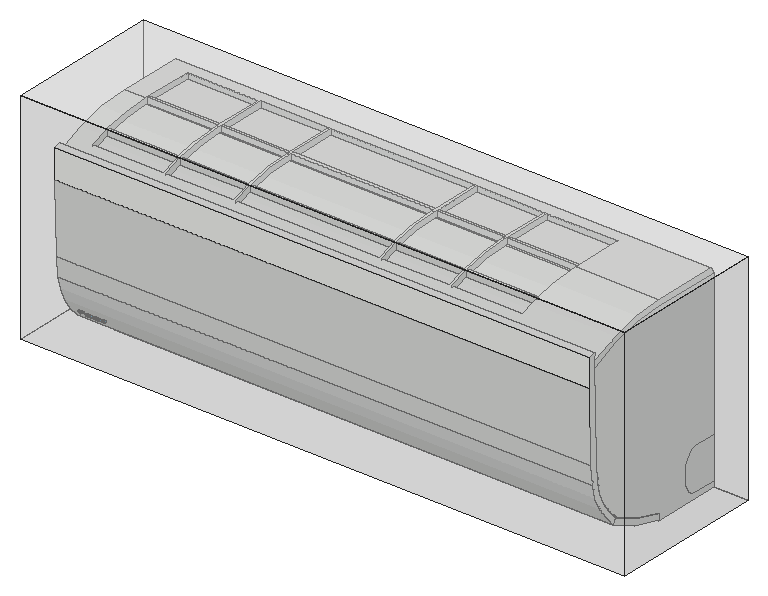
Revit family "outputfile", category 機械設備, Revit 2024
Family settings
  丸型コネクタ寸法 = 半径を使用
  パーツ タイプ = 標準
  OmniClass 番号 = 23.75.10.24.21.27.27
  OmniClass タイトル = Split System Air Conditioning Units
  作業面ベース = いいえ
  常に垂直 = はい
  ロード時にボイドで切り取り = いいえ
  注釈の向きを維持 = いいえ
  共有 = いいえ
  部屋計算ポイント = いいえ
Parameters (values of type "FTKF46TVMA")
  Description = ""
  書き出し IFC クラス(タイプ) = "IfcUnitaryEquipmentType"
  定義済み IFC タイプ(タイプ) = "AIRCONDITIONINGUNIT"
  Cost = 0
  Type Comments = ""
  Keynote = ""
  Type Image = (empty or 0)
  Assembly Code = ""
  w_wall hole = if(Width = 770.0 mm, 48.0 mm, 60.0 mm)  # 48.0 mm
  製造元 = "Daikin"
  モデル = "FTKF46TVMA"
  switch_frequency = yes
  r_Liquid Pipe Size = Liquid Pipe Size / 2  # 3.2 mm
  r_Gas Pipe Size = Gas Pipe Size / 2  # 6.35 mm
  r_Drain Pipe Size = Drain Pipe Size / 2  # 8.0 mm
  lw_powersupply [instance] = if(Width = 770.0 mm, if(or(Rear Right Connection_refrigerant, Bottom Right Connection_refrigerant), 25.0 mm, if(or(Rear Left Connection_refrigerant, Bottom Left Connection_refrigerant), 745.0 mm, 400.0 mm)), if(Width = 990.0 mm, if(or(Rear Right Connection_refrigerant, Bottom Right Connection_refrigerant), 40.0 mm, if(or(Rear Left Connection_refrigerant, Bottom Left Connection_refrigerant), 920.0 mm, 400.0 mm)), if(or(Rear Right Connection_refrigerant, Bottom Right Connection_refrigerant), 40.0 mm, if(or(Rear Left Connection_refrigerant, Bottom Left Connection_refrigerant), 920.0 mm, 400.0 mm))))  # 400.0 mm
  lw_liquidpipe [instance] = if(Width = 770.0 mm, if(or(Rear Right Connection_refrigerant, Bottom Right Connection_refrigerant), 0.0 mm, if(or(Rear Left Connection_refrigerant, Bottom Left Connection_refrigerant), 664.0 mm, 385.0 mm)), if(Width = 990.0 mm, if(or(Rear Right Connection_refrigerant, Bottom Right Connection_refrigerant), 0.0 mm, if(or(Rear Left Connection_refrigerant, Bottom Left Connection_refrigerant), 664.0 mm + (990.0 mm - 770.0 mm), 475.0 mm)), if(or(Rear Right Connection_refrigerant, Bottom Right Connection_refrigerant), 0.0 mm, if(or(Rear Left Connection_refrigerant, Bottom Left Connection_refrigerant), 664.0 mm + (990.0 mm - 770.0 mm), 475.0 mm))))  # 385.0 mm
  lw_gaspipe [instance] = if(Width = 770.0 mm, if(or(Rear Right Connection_refrigerant, Bottom Right Connection_refrigerant), 0.0 mm, if(or(Rear Left Connection_refrigerant, Bottom Left Connection_refrigerant), 675.0 mm, if(Gas Pipe Size = 12.7 mm, 345.0 mm, 335.0 mm))), if(Width = 990.0 mm, if(or(Rear Right Connection_refrigerant, Bottom Right Connection_refrigerant), 10.0 mm, if(or(Rear Left Connection_refrigerant, Bottom Left Connection_refrigerant), 890.0 mm, if(Gas Pipe Size = 15.9 mm, 400.0 mm, 400.0 mm))), if(or(Rear Right Connection_refrigerant, Bottom Right Connection_refrigerant), 10.0 mm, if(or(Rear Left Connection_refrigerant, Bottom Left Connection_refrigerant), 890.0 mm, if(Gas Pipe Size = 15.9 mm, 400.0 mm, 400.0 mm)))))  # 345.0 mm
  lw_drainpipe [instance] = if(Width = 770.0 mm, if(or(Rear Right Connection_refrigerant, Bottom Right Connection_refrigerant), 0.0 mm, if(or(Rear Left Connection_refrigerant, Bottom Left Connection_refrigerant), 770.0 mm - 48.0 mm - 48.0 mm, 440.0 mm)), if(Width = 990.0 mm, if(or(Rear Right Connection_refrigerant, Bottom Right Connection_refrigerant), 0.0 mm, if(or(Rear Left Connection_refrigerant, Bottom Left Connection_refrigerant), 675.0 mm + (990.0 mm - 770.0 mm), 435.0 mm)), if(or(Rear Right Connection_refrigerant, Bottom Right Connection_refrigerant), 0.0 mm, if(or(Rear Left Connection_refrigerant, Bottom Left Connection_refrigerant), 675.0 mm + (990.0 mm - 770.0 mm), 435.0 mm))))  # 440.0 mm
  l_powersupply_length [instance] = if(Width = 770.0 mm, if(Right Connection_refrigerant, 400.0 mm, if(Left Connection_refrigerant, 770.0 mm - 400.0 mm, if(or(Rear Left Connection_refrigerant, Rear Right Connection_refrigerant), 15.0 mm, 50.0 mm))), if(Width = 990.0 mm, if(Right Connection_refrigerant, 400.0 mm, if(Left Connection_refrigerant, 990.0 mm - 400.0 mm, if(or(Rear Left Connection_refrigerant, Rear Right Connection_refrigerant), 15.0 mm, 50.0 mm))), if(Right Connection_refrigerant, 400.0 mm, if(Left Connection_refrigerant, 990.0 mm - 400.0 mm, if(or(Rear Left Connection_refrigerant, Rear Right Connection_refrigerant), 15.0 mm, 50.0 mm)))))  # 400.0 mm
  l_liquidpipe_length [instance] = if(Width = 770.0 mm, if(Right Connection_refrigerant, 433.0 mm, if(Left Connection_refrigerant, 337.0 mm, if(or(Rear Left Connection_refrigerant, Rear Right Connection_refrigerant), 30.0 mm, 40.0 mm))), if(Width = 990.0 mm, if(Right Connection_refrigerant, 535.0 mm, if(Left Connection_refrigerant, 455.0 mm, if(or(Rear Left Connection_refrigerant, Rear Right Connection_refrigerant), 30.0 mm, 40.0 mm))), if(Right Connection_refrigerant, 535.0 mm, if(Left Connection_refrigerant, 455.0 mm, if(or(Rear Left Connection_refrigerant, Rear Right Connection_refrigerant), 30.0 mm, 40.0 mm)))))  # 433.0 mm
  l_gaspipe_length [instance] = if(Width = 770.0 mm, if(Right Connection_refrigerant, if(Gas Pipe Size = 12.7 mm, 393.0 mm, 383.0 mm), if(Left Connection_refrigerant, if(Gas Pipe Size = 12.7 mm, 770.0 mm - 393.0 mm, 770.0 mm - 383.0 mm), if(or(Rear Left Connection_refrigerant, Rear Right Connection_refrigerant), 40.0 mm, 50.0 mm))), if(Width = 990.0 mm, if(Right Connection_refrigerant, if(Gas Pipe Size = 15.9 mm, 460.0 mm, 460.0 mm), if(Left Connection_refrigerant, if(Gas Pipe Size = 15.9 mm, 990.0 mm - 460.0 mm, 990.0 mm - 460.0 mm), if(or(Rear Left Connection_refrigerant, Rear Right Connection_refrigerant), 40.0 mm, 50.0 mm))), if(Right Connection_refrigerant, if(Gas Pipe Size = 15.9 mm, 460.0 mm, 460.0 mm), if(Left Connection_refrigerant, if(Gas Pipe Size = 15.9 mm, 990.0 mm - 460.0 mm, 990.0 mm - 460.0 mm), if(or(Rear Left Connection_refrigerant, Rear Right Connection_refrigerant), 40.0 mm, 50.0 mm)))))  # 393.0 mm
  l_drainpipe_length [instance] = if(Width = 770.0 mm, if(Right Connection_refrigerant, 488.0 mm, if(Left Connection_refrigerant, 282.0 mm, if(or(Rear Left Connection_refrigerant, Rear Right Connection_refrigerant), 15.0 mm, 20.0 mm))), if(Width = 990.0 mm, if(Right Connection_refrigerant, 495.0 mm, if(Left Connection_refrigerant, 495.0 mm, if(or(Rear Left Connection_refrigerant, Rear Right Connection_refrigerant), 15.0 mm, 20.0 mm))), if(Right Connection_refrigerant, 495.0 mm, if(Left Connection_refrigerant, 495.0 mm, if(or(Rear Left Connection_refrigerant, Rear Right Connection_refrigerant), 15.0 mm, 20.0 mm)))))  # 488.0 mm
  h*** = 0.0 mm  # constant formula
  connector_voltage = Voltage_50Hz  # 230 V
  connector_powerinput = [Power Input (Cooling)]  # 0.000 kW
  connector_phase = Phase_50Hz  # 1
  angle_vertical [instance] = if(or(Bottom Left Connection_refrigerant, Bottom Right Connection_refrigerant), 0.00°, 90.00°)  # 90.00°
  angle_horizontal [instance] = if(Right Connection_refrigerant, 90.00°, if(Left Connection_refrigerant, -90.00°, if(or(Rear Left Connection_refrigerant, Rear Right Connection_refrigerant), 180.00°, 0.00°)))  # 90.00°
  Width = 770.0 mm
  Voltage_comment_50Hz = "220 - 240"
  Voltage_50Hz = 230 V
  Version = "ver.1.0"
  Unit Type = "Wall Mounted"
  Unit Mass Weight = 9.00 kg
  Unit Designation [instance] = ""
  Uniclass2015Version = "Products v1.30"
  Uniclass2015Title = "Split coil room air conditioning units"
  Uniclass2015Code = "Pr_70_65_03_86"
  URL = ""
  Total Cooling Capacity [instance] = 0.000 kW
  Sound Pressure Level_M speed (dBA) = 39
  Sound Pressure Level_L speed (dBA) = 35
  Sound Pressure Level_H speed (dBA) = 44
  Sound Power Level_H speed (dB) = 0
  Series = "Single Split_Fan Coil Unit"
  Sensible Cooling Capacity [instance] = 0.000 kW
  Refrigerant Type = "R32"
  Power Input (Cooling) = 0.000 kW
  Phase_50Hz = 1
  Option Accessory 3 [instance] = ""
  Option Accessory 2 [instance] = ""
  Option Accessory 1 [instance] = ""
  Nominal Cooling Capacity = 4.600 kW
  Minimum Circuit Amps_50Hz = 0.0 A
  Minimum Airflow = 516.00 m³/h
  Median Airflow = 612.00 m³/h
  Maximum Fuse Amps_50Hz = 0.0 A
  Maximum Airflow = 714.00 m³/h
  Material_Casing = DAIKIN_PureWhite_Casing_indoorunit
  Load Classification = HVAC
  Liquid Pipe Size = 6.4 mm
  Link_Nested Family [instance] = ""
  IfcVersion = ""
  IfcExportType = "AIRCONDITIONINGUNIT"
  IfcExportAs = "IfcUnitaryEquipmentType"
  Height = 285.0 mm
  Heat Exchanger Type = "Cross Fin Coil"
  Gas Pipe Size = 12.7 mm
  Frequency_50Hz = 50 Hz
  Fan Type = "Cross Flow Fan"
  Fan Drive = "Direct Drive"
  FCU Tag No. [instance] = ""
  Drain Pipe Size = 16.0 mm
  Design Supply Airflow [instance] = 0.00 m³/h
  Depth = 223.0 mm
  既定の高さ = 0.0 mm
  Cooling Entering Wet Bulb Temperature [instance] = 0.00 °C
  Cooling Entering Dry Bulb Temperature [instance] = 0.00 °C
  Cooling Ambient Wet Bulb Temperature [instance] = 0.00 °C
  Cooling Ambient Dry Bulb Temperature [instance] = 0.00 °C
  Clearance visibility [instance] = yes
  Clearance Top = 30.0 mm
  Clearance Right = 50.0 mm
  Clearance Rear = 0.0 mm
  Clearance Left = 50.0 mm
  Clearance Front = 0.0 mm
  Clearance Bottom = 0.0 mm
  Bottom Right Connection_refrigerant [instance] = no
  Bottom Left Connection_refrigerant [instance] = no
  Rear Right Connection_refrigerant [instance] = no
  Rear Left Connection_refrigerant [instance] = no
  Right Connection_refrigerant [instance] = yes
  Left Connection_refrigerant [instance] = no
Reference planes
  plane 1 "Back": y = 0
  plane 2: z = 0
  plane 3 "Center (Left/Right)": x = 0
  plane 4 "Center (Front/Back)": y = -111.5
  plane 5 "Front": y = -223
  plane 6 "Left": x = -385
  plane 7 "Right": x = 385
  plane 8 "Top": z = 0
  plane 9 "Bottom": z = -285
  plane 10: x = -435
  plane 11: x = 435
  plane 12: y = 0
  plane 13: y = -223
  plane 14: z = 30
  plane 15: z = -285
  plane 16 "lw_Piping and Wiring intake": x = 337
  plane 17 "lw_gaspipe": x = -8
  plane 18 "lw_liquidpipe": x = -48
  plane 19 "lw_drainpipe": x = -103
  plane 20 "lh_drainpipe": z = -265
  plane 21 "lh_liquidpipe": z = -245
  plane 22 "lh_gaspipe": z = -235
  plane 23 "ld_drainpipe": y = -15
  plane 24 "ld_liquidpipe": y = -30
  plane 25 "ld_gaspipe": y = -40
  plane 26 "lw_powersupply": x = -15
Dimensions and locks
  equal spacing: plane 6 "Left", plane 3 "Center (Left/Right)", plane 7 "Right"
  "Width": plane 6 "Left" to plane 7 "Right"
  equal spacing: plane 5 "Front", plane 4 "Center (Front/Back)", plane 1 "Back"
  "Depth": plane 5 "Front" to plane 1 "Back"
  "Height": plane 8 "Top" to plane 9 "Bottom"
  "Clearance Rear": plane 12 to plane 1 "Back"
  "Clearance Front": plane 13 to plane 5 "Front"
  "Clearance Top": plane 14 to plane 8 "Top"
  "Clearance Bottom": plane 9 "Bottom" to plane 15
  "w_wall hole": plane 16 "lw_Piping and Wiring intake" to plane 7 "Right"
  "lw_gaspipe": plane 17 "lw_gaspipe" to plane 16 "lw_Piping and Wiring intake"
  "lw_liquidpipe": plane 18 "lw_liquidpipe" to plane 16 "lw_Piping and Wiring intake"
  "lw_drainpipe": plane 19 "lw_drainpipe" to plane 16 "lw_Piping and Wiring intake"
  locked: plane 20 "lh_drainpipe" to plane 9 "Bottom" at 20
  locked: plane 21 "lh_liquidpipe" to plane 9 "Bottom" at 40
  locked: plane 22 "lh_gaspipe" to plane 9 "Bottom" at 50
  locked: plane 23 "ld_drainpipe" to plane 1 "Back" at 15
  locked: plane 1 "Back" to plane 24 "ld_liquidpipe" at 30
  locked: plane 1 "Back" to plane 25 "ld_gaspipe" at 40
  "lw_powersupply": plane 26 "lw_powersupply" to plane 7 "Right"
  "Clearance Left": plane 10 to plane 6 "Left"
  "Clearance Right": plane 7 "Right" to plane 11
  aligned and locked: level to plane 2
  aligned and locked: plane 12 to nested 1
  aligned and locked: nested 1 to plane 13
  aligned and locked: plane 10 to nested 1
  aligned and locked: plane 11 to nested 1
  aligned and locked: plane 15 to nested 1
  aligned and locked: plane 14 to nested 1
  aligned and locked: plane 17 "lw_gaspipe" to nested 2
  aligned and locked: nested 2 to plane 25 "ld_gaspipe"
  aligned and locked: plane 18 "lw_liquidpipe" to nested 3
  aligned and locked: nested 3 to plane 24 "ld_liquidpipe"
  aligned and locked: plane 19 "lw_drainpipe" to nested 4
  aligned and locked: nested 4 to plane 23 "ld_drainpipe"
  aligned and locked: nested 5 to plane 23 "ld_drainpipe"
  aligned and locked: plane 26 "lw_powersupply" to nested 5
  aligned and locked: level to plane 8 "Top"
  aligned and locked: plane 3 "Center (Left/Right)" to nested 6
  aligned and locked: plane 1 "Back" to nested 6
  aligned and locked: plane 8 "Top" to nested 6
Nested families
  nested 1: "daikin_clearancespace" at (0, -111.5, -127.381), show <- "Clearance visibility", visible <- "Clearance visibility", Link_Nested Family <- "Link_Nested Family", type "daikin_clearancespace"
    with width 870.0 mm, show yes, height 315.0 mm, depth 223.0 mm, Link_Nested Family ""
  nested 2: "daikin_connector_rotate3" at (-8, -40, -235), angle_vertical <- "angle_vertical", angle_horizontal <- "angle_horizontal", length <- "l_gaspipe_length", radius <- "r_Gas Pipe Size", type "daikin_connector_rotate3"
    with show no, radius 6.35 mm, length 393.0 mm, angle_vertical 90.00°, angle_horizontal 90.00°
  nested 3: "daikin_connector_rotate3" at (-48, -30, -245), angle_vertical <- "angle_vertical", angle_horizontal <- "angle_horizontal", radius <- "r_Liquid Pipe Size", length <- "l_liquidpipe_length", type "daikin_connector_rotate3"
    with show no, radius 3.2 mm, length 433.0 mm, angle_vertical 90.00°, angle_horizontal 90.00°
  nested 4: "daikin_connector_rotate3" at (-103, -15, -265), angle_vertical <- "angle_vertical", angle_horizontal <- "angle_horizontal", length <- "l_drainpipe_length", radius <- "r_Drain Pipe Size", type "daikin_connector_rotate3"
    with show no, radius 8.0 mm, length 488.0 mm, angle_vertical 90.00°, angle_horizontal 90.00°
  nested 5: "daikin_connector_rotate3" at (-15, -15, -235), angle_vertical <- "angle_vertical", angle_horizontal <- "angle_horizontal", length <- "l_powersupply_length", type "daikin_connector_rotate3"
    with show no, radius 10.0 mm, length 400.0 mm, angle_vertical 90.00°, angle_horizontal 90.00°
  nested 6: "DAIKIN_indoorunit_FTKF-TVMA" at (-31, 0, 0), type "FTKF-TVMA"
Connectors
  piping at (385, -40, -235), diameter 12.7, driven by "r_Gas Pipe Size"
    settings: on nested 2, index 1, connector inside diameter 609.6 mm, connector length 0.0 mm, flow factor 0, pipe flow 0.00 m³/h, pressure drop 0.0 Pa, fitting loss kfactor 0, connector angle 0.00°, fixture units 0, engagement length 0.0 mm, angle of deflection 0.00°, flow configuration 1, flow direction 2, fitting loss method 0, system type 29, joint type 0, gender type 0, connector reference index -1, connector utility 0, adjustable connector no, is connector primary yes, connector description "Refrigerant Gas Piping"
  piping at (385, -30, -245), diameter 6.4, driven by "r_Liquid Pipe Size"
    settings: on nested 3, index 2, connector inside diameter 609.6 mm, connector length 0.0 mm, flow factor 0, pipe flow 0.00 m³/h, pressure drop 0.0 Pa, fitting loss kfactor 0, connector angle 0.00°, fixture units 0, engagement length 0.0 mm, angle of deflection 0.00°, flow configuration 1, flow direction 1, fitting loss method 0, system type 29, joint type 0, gender type 0, connector reference index -1, connector utility 0, adjustable connector no, is connector primary no, connector description "Refrigerant Liquid Piping"
  piping at (385, -15, -265), diameter 16, driven by "r_Drain Pipe Size"
    settings: on nested 4, index 3, connector inside diameter 609.6 mm, connector length 0.0 mm, flow factor 0, pipe flow 0.00 m³/h, pressure drop 0.0 Pa, fitting loss kfactor 0, connector angle 0.00°, fixture units 0, engagement length 0.0 mm, angle of deflection 0.00°, flow configuration 1, flow direction 2, fitting loss method 4, system type 16, joint type 0, gender type 0, connector reference index -1, connector utility 0, adjustable connector no, is connector primary no, connector description "Condensate Drain Piping"
  electrical at (385, -15, -235), driven by "Load Classification", driven by "connector_voltage", driven by "connector_phase", driven by "connector_powerinput"
    settings: on nested 5, index 4, voltage 230 V, apparent load 0 VA, apparent load phase1 0 VA, apparent load phase2 0 VA, apparent load phase3 0 VA, power factor 1, load classification "HVAC", number of poles 1, system type 30, power factor state 1, is connector primary yes, connector utility no, sub classification motor no, connector description "Power Supply"
Definition of nested family "daikin_clearancespace"
  Parameters (values of type "daikin_clearancespace")
    Description = "daikin_clearancespace"
    width [instance] = 1823.963 mm
    show [instance] = yes
    material = none
    height [instance] = 1359.762 mm
    depth [instance] = 880.0 mm
    Default Elevation = 0.0 mm
    Link_Nested Family [instance] = ""
  Reference planes
    plane 1 "Center (Front/Back)": y = 0
    plane 2 "Center (Elevation)": z = -0.119
    plane 3 "Center (Left/Right)": x = 0
    plane 4: y = 440
    plane 5: y = -440
    plane 6 "Right": x = 911.982
    plane 7 "Left": x = -911.982
    plane 8 "Top": z = 679.762
    plane 9 "Bottom": z = -680
  Forms (mm)
    Extrusion 1, solid, material <- "material", visible <- "show"
      sketch origin (0, 0, 0) x (1, 0, 0) y (0, 1, 0)
        loop
          line (-911.982, 440) -> (-911.982, -440) -> (911.982, -440) -> (911.982, 440) -> (-911.982, 440)
      from -680 to 679.762
  Lines and regions (mm)
    symbolic lines, visible <- "show"
      curve 1: line (911.982, 440, 0) -> (-911.982, 440, 0)
      curve 2: line (-911.982, 440, 0) -> (-911.982, -440, 0)
      curve 3: line (-911.982, -440, 0) -> (911.982, -440, 0)
      curve 4: line (911.982, -440, 0) -> (911.982, 440, 0)
      curve 5: line (911.982, 0, 679.762) -> (-911.982, 0, 679.762)
      curve 6: line (911.982, 0, -680) -> (911.982, 0, 679.762)
      curve 7: line (-911.982, 0, -680) -> (911.982, 0, -680)
      curve 8: line (-911.982, 0, 679.762) -> (-911.982, 0, -680)
      curve 9: line (0, 440, 679.762) -> (0, -440, 679.762)
      curve 10: line (0, -440, 679.762) -> (0, -440, -680)
      curve 11: line (0, 440, -680) -> (0, 440, 679.762)
      curve 12: line (0, -440, -680) -> (0, 440, -680)
  Dimensions and locks
    "width": plane 7 "Left" to plane 6 "Right"
    "depth": plane 4 to plane 5
    "height": plane 8 "Top" to plane 9 "Bottom"
    equal spacing: plane 7 "Left", plane 3 "Center (Left/Right)", plane 6 "Right"
    equal spacing: plane 4, plane 1 "Center (Front/Back)", plane 5
    equal spacing: plane 8 "Top", plane 2 "Center (Elevation)", plane 9 "Bottom"
    aligned and locked: level to plane 2 "Center (Elevation)"
    aligned and locked: Extrusion 1 sketch curve to plane 4
    aligned and locked: plane 7 "Left" to Extrusion 1 sketch curve
    aligned and locked: Extrusion 1 sketch curve to plane 5
    aligned and locked: Extrusion 1 sketch curve to plane 6 "Right"
    aligned and locked: plane 8 "Top" to Extrusion 1
    aligned and locked: curve 1 to Extrusion 1
    aligned and locked: curve 2 to Extrusion 1
    aligned and locked: curve 3 to Extrusion 1
    aligned and locked: curve 4 to Extrusion 1
    aligned and locked: curve 5 to Extrusion 1
    aligned and locked: curve 6 to Extrusion 1
    aligned and locked: curve 7 to Extrusion 1
    aligned and locked: curve 8 to Extrusion 1
    aligned and locked: curve 9 to Extrusion 1
    aligned and locked: curve 10 to Extrusion 1
    aligned and locked: curve 11 to Extrusion 1
    aligned and locked: curve 12 to Extrusion 1
    aligned and locked: Extrusion 1 to plane 9 "Bottom"
Definition of nested family "DAIKIN_indoorunit_FTKF-TVMA"
  Parameters (values of type "FTKF-TVMA")
    switch_unit1_60-71 = Width = 990.0 mm  # no
    switch_unit1_20-50 = Width = 770.0 mm  # yes
    Width = 770.0 mm
    WALL HOLE-R = if(Width = 770.0 mm, 48.0 mm, 60.0 mm)  # 48.0 mm
    WALL HOLE Size = if(Width = 770.0 mm, 65.0 mm, 80.0 mm)  # 65.0 mm
    Material_Casing = none
    Height = if(Width = 770.0 mm, 285.0 mm, 295.0 mm)  # 285.0 mm
    Default Elevation = 0.0 mm
  Reference planes
    plane 1 "Center (Front/Back)": y = 0
    plane 2 "reference_level": z = 0
    plane 3 "Center (Left/Right)": x = 31
    plane 4: x = -354
    plane 5: x = 416
    plane 6: z = -285
  Forms (mm)
    Extrusion 1, solid, material <- "Material_Casing", visible <- "switch_unit1_20-50"
      sketch origin (29, 0, 0) x (0, 1, 0) y (0, 0, 1)
        loop
          line (-5, 0) -> (-98, 0)
          arc (-98, 0) -> (-157.611, -7.211) -> (-213.783, -28.427) r 250
          arc (-213.783, -28.427) -> (-213.842, -32.972) -> (-213.892, -37.516) r 2191
          arc (-213.892, -37.516) -> (-157.832, -15.495) -> (-98.07, -8) r 242
          line (-98.07, -8) -> (0, -8) -> (-5, 0)
      from -383 to 387
    Extrusion 2, solid, material <- "Material_Casing", visible <- "switch_unit1_20-50"
      sketch origin (416, 1296.25, 1200) x (0, 1, 0) y (0, 0, 1)
        loop
          line (-1472.998, -1446.91) -> (-1476.998, -1453.839)
          arc (-1476.998, -1453.839) -> (-1437.481, -1472.422) -> (-1395.25, -1483.538) r 240
          line (-1395.25, -1483.538) -> (-1395.25, -1475.422)
          arc (-1395.25, -1475.422) -> (-1435.407, -1464.663) -> (-1472.998, -1446.91) r 232
      from 0 to -47.5
    Extrusion 3, solid, material <- "Material_Casing", visible <- "switch_unit1_20-50"
      sketch origin (29, 0, 0) x (0, 1, 0) y (0, 0, 1)
        loop
          arc (-223, -60.455) -> (-222.414, -110.646) -> (-220.656, -160.81) r 2149.92
          arc (-220.656, -160.81) -> (-219.65, -174.299) -> (-217.853, -187.706) r 229.911
          arc (-217.853, -187.706) -> (-205.371, -223.594) -> (-181.517, -253.17) r 111
          line (-181.517, -253.17) -> (-177.429, -246.093)
          arc (-177.429, -246.093) -> (-198.77, -218.989) -> (-209.965, -186.36) r 103
          arc (-209.965, -186.36) -> (-211.681, -173.586) -> (-212.651, -160.735) r 221.844
          arc (-212.651, -160.735) -> (-214.739, -93.233) -> (-214.74, -25.699) r 2186.828
          arc (-214.74, -25.699) -> (-214.671, -21.467) -> (-214.594, -17.235) r 2192
          line (-214.594, -17.235) -> (-223, -19.961) -> (-223, -60.455)
      from -383 to 387
    Extrusion 4, solid, material <- "Material_Casing", visible <- "switch_unit1_20-50"
      sketch origin (29, 0, -20) x (0, 1, 0) y (0, 0, 1)
        loop
          line (0, -265) -> (0, 12) -> (-98.07, 12)
          arc (-98.07, 12) -> (-157.832, 4.505) -> (-213.892, -17.516) r 242
          arc (-213.892, -17.516) -> (-213.638, -79.114) -> (-211.653, -140.681) r 2191
          arc (-211.653, -140.681) -> (-210.685, -153.501) -> (-208.973, -166.243) r 221
          arc (-208.973, -166.243) -> (-197.471, -199.282) -> (-175.482, -226.491) r 102
          arc (-175.482, -226.491) -> (-138.004, -244.019) -> (-98, -254.579) r 231
          line (-98, -254.579) -> (-98, -265) -> (0, -265)
      from -383 to 387
    Extrusion 5, solid, material <- "Material_Casing", visible <- "switch_unit1_20-50"
      sketch origin (-354, 1296.25, 1200) x (0, 1, 0) y (0, 0, 1)
        loop
          line (-1472.998, -1446.91) -> (-1476.998, -1453.839)
          arc (-1476.998, -1453.839) -> (-1437.481, -1472.422) -> (-1395.25, -1483.538) r 240
          line (-1395.25, -1483.538) -> (-1395.25, -1475.422)
          arc (-1395.25, -1475.422) -> (-1435.407, -1464.663) -> (-1472.998, -1446.91) r 232
      from 47 to 0
    Extrusion 6, solid, material <- "Material_Casing", visible <- "switch_unit1_20-50"
      sketch origin (416, 1296.25, 1200) x (0, 1, 0) y (0, 0, 1)
        loop
          line (-1472.998, -1446.91) -> (-1476.998, -1453.839)
          arc (-1476.998, -1453.839) -> (-1443.437, -1470.168) -> (-1407.75, -1481.097) r 240
          line (-1407.75, -1481.097) -> (-1407.75, -1472.894)
          arc (-1407.75, -1472.894) -> (-1441.363, -1462.385) -> (-1472.998, -1446.91) r 232
      from -116.993 to -48.493
    Extrusion 7, solid, material <- "Material_Casing", visible <- "switch_unit1_20-50"
      sketch origin (416, 1296.25, 1200) x (0, 1, 0) y (0, 0, 1)
        loop
          line (-1472.998, -1446.91) -> (-1476.998, -1453.839)
          arc (-1476.998, -1453.839) -> (-1443.437, -1470.168) -> (-1407.75, -1481.097) r 240
          line (-1407.75, -1481.097) -> (-1407.75, -1472.894)
          arc (-1407.75, -1472.894) -> (-1441.363, -1462.385) -> (-1472.998, -1446.91) r 232
      from -717 to -121.993
    Extrusion 8, void
      sketch origin (31, 0, -235) x (1, 0, 0) y (0, 1, 0)
        loop
          line (-252.674, -22.316) -> (-354.941, -22.316) -> (-354.941, -91.341) -> (-252.674, -91.341) -> (-252.674, -22.316)
        loop
          line (-249.341, -91.341) -> (-151.574, -91.341) -> (-151.574, -22.316) -> (-249.341, -22.316) -> (-249.341, -91.341)
        loop
          line (58.309, -22.316) -> (-148.309, -22.316) -> (-148.309, -91.341) -> (58.309, -91.341) -> (58.309, -22.316)
        loop
          line (61.689, -22.316) -> (61.689, -91.341) -> (159.457, -91.341) -> (159.457, -22.316) -> (61.689, -22.316)
        loop
          line (162.789, -22.316) -> (162.789, -91.341) -> (265.057, -91.341) -> (265.057, -22.316) -> (162.789, -22.316)
        loop
          line (-354.941, -94.659) -> (-354.941, -165.259) -> (-252.674, -165.259) -> (-252.674, -94.659) -> (-354.941, -94.659)
        loop
          line (-249.341, -94.659) -> (-249.341, -165.259) -> (-151.574, -165.259) -> (-151.574, -94.659) -> (-249.341, -94.659)
        loop
          line (-148.309, -94.659) -> (-148.309, -165.259) -> (58.309, -165.259) -> (58.309, -94.659) -> (-148.309, -94.659)
        loop
          line (61.689, -94.659) -> (61.689, -165.259) -> (159.457, -165.259) -> (159.457, -94.659) -> (61.689, -94.659)
        loop
          line (162.789, -94.659) -> (162.789, -165.259) -> (265.057, -165.259) -> (265.057, -94.659) -> (162.789, -94.659)
        loop
          line (-354.941, -167.382) -> (-354.941, -192.681) -> (-252.674, -192.681) -> (-252.674, -167.382) -> (-354.941, -167.382)
        loop
          line (-249.341, -167.382) -> (-249.341, -192.681) -> (-151.574, -192.681) -> (-151.574, -167.382) -> (-249.341, -167.382)
        loop
          line (-148.309, -167.382) -> (-148.309, -192.681) -> (58.309, -192.681) -> (58.309, -167.382) -> (-148.309, -167.382)
        loop
          line (159.457, -167.382) -> (61.689, -167.382) -> (61.689, -192.681) -> (159.457, -192.681) -> (159.457, -167.382)
        loop
          line (265.057, -167.382) -> (162.789, -167.382) -> (162.789, -192.681) -> (265.057, -192.681) -> (265.057, -167.382)
      from 201.638 to 250
    Extrusion 9, solid, material <- "Material_Casing"
      sketch origin (31, 0, 0) x (1, 0, 0) y (0, 0, 1)
        loop
          circle (337, -240.5) r 32.5
        loop
          circle (-337, -240.5) r 32.5
      from 0 to 5
    Extrusion 10, solid, material <- "Material_Casing", visible <- "switch_unit1_20-50"
      sketch origin (416, 1296.25, 1200) x (0, -1, 0) y (0, 0, 1)
        loop
          line (1326.25, -1417) -> (1296.25, -1417) -> (1296.25, -1477) -> (1326.25, -1477)
          arc (1326.25, -1477) -> (1340.393, -1471.142) -> (1346.25, -1457) r 20
          line (1346.25, -1457) -> (1346.25, -1437)
          arc (1346.25, -1437) -> (1340.393, -1422.858) -> (1326.25, -1417) r 20
      from 0 to 5
    Extrusion 11, solid, material <- "Material_Casing", visible <- "switch_unit1_20-50"
      sketch origin (-354, 1296.25, 1200) x (0, 1, 0) y (0, 0, 1)
        loop
          line (-1296.25, -1417) -> (-1326.25, -1417)
          arc (-1326.25, -1417) -> (-1340.393, -1422.858) -> (-1346.25, -1437) r 20
          line (-1346.25, -1437) -> (-1346.25, -1457)
          arc (-1346.25, -1457) -> (-1340.393, -1471.142) -> (-1326.25, -1477) r 20
          line (-1326.25, -1477) -> (-1296.25, -1477) -> (-1296.25, -1417)
      from 0 to 5
    Extrusion 12, solid, material <- "Material_Casing", visible <- "switch_unit1_20-50"
      sketch origin (31, 0, -285) x (-1, 0, 0) y (0, -1, 0)
        loop
          line (-314, 0) -> (-314, 30)
          arc (-314, 30) -> (-319.858, 44.142) -> (-334, 50) r 20
          line (-334, 50) -> (-354, 50)
          arc (-354, 50) -> (-368.142, 44.142) -> (-374, 30) r 20
          line (-374, 30) -> (-374, 0) -> (-314, 0)
        loop
          line (374, 0) -> (374, 30)
          arc (374, 30) -> (368.142, 44.142) -> (354, 50) r 20
          line (354, 50) -> (334, 50)
          arc (334, 50) -> (319.858, 44.142) -> (314, 30) r 20
          line (314, 30) -> (314, 0) -> (374, 0)
      from 0 to 5
    Extrusion 13, solid, material <- "Material_Casing", visible <- "switch_unit1_60-71"
      sketch origin (31, 0, 0) x (0, 1, 0) y (0, 0, 1)
        loop
          line (-5, 0) -> (-138, 0)
          arc (-138, 0) -> (-197.611, -7.211) -> (-253.783, -28.427) r 250
          arc (-253.783, -28.427) -> (-253.838, -32.687) -> (-253.886, -36.946) r 2191
          arc (-253.886, -36.946) -> (-197.73, -15.346) -> (-138.014, -8) r 246.393
          line (-138.014, -8) -> (0, -8) -> (-5, 0)
      from -495 to 495
    Extrusion 14, solid, material <- "Material_Casing", visible <- "switch_unit1_60-71"
      sketch origin (418, 1296.25, 1200) x (0, 1, 0) y (0, 0, 1)
        loop
          arc (-1515.208, -1454.149) -> (-1506.856, -1460.599) -> (-1497.925, -1466.219) r 110
          arc (-1497.925, -1466.219) -> (-1445.718, -1487.493) -> (-1389.844, -1494.995) r 223
          line (-1389.844, -1494.995) -> (-1389.844, -1486.086) -> (-1404.386, -1486.086)
          arc (-1404.386, -1486.086) -> (-1449.542, -1477.46) -> (-1491.818, -1459.402) r 214.289
          arc (-1491.818, -1459.402) -> (-1501.056, -1453.541) -> (-1509.606, -1446.715) r 101
          line (-1509.606, -1446.715) -> (-1515.208, -1454.149)
      from 108 to 57.5
    Extrusion 15, solid, material <- "Material_Casing", visible <- "switch_unit1_60-71"
      sketch origin (31, 0, 0) x (0, 1, 0) y (0, 0, 1)
        loop
          line (-263, -19.962) -> (-263, -61.6)
          arc (-263, -61.6) -> (-262.414, -110.219) -> (-260.656, -158.81) r 2017.341
          arc (-260.656, -158.81) -> (-255.648, -191.935) -> (-244.041, -223.362) r 164.725
          arc (-244.041, -223.362) -> (-233.569, -239.793) -> (-219.717, -253.495) r 87.379
          line (-219.717, -253.495) -> (-214.706, -246.846)
          arc (-214.706, -246.846) -> (-229.564, -230.029) -> (-240.385, -210.371) r 102
          arc (-240.385, -210.371) -> (-249.049, -182.962) -> (-252.848, -154.467) r 165.789
          arc (-252.848, -154.467) -> (-254.771, -90.102) -> (-254.74, -25.708) r 2122.533
          arc (-254.74, -25.708) -> (-254.671, -21.469) -> (-254.594, -17.23) r 2192
          line (-254.594, -17.23) -> (-263, -19.962)
      from -495 to 495
    Extrusion 16, void
      sketch origin (33, 0, 0) x (1, 0, 0) y (0, 1, 0)
        loop
          line (-466.909, -22.316) -> (-466.909, -111.341) -> (-366.303, -111.341) -> (-366.303, -22.316) -> (-466.909, -22.316)
        loop
          line (-362.71, -22.316) -> (-362.71, -111.341) -> (-262.103, -111.341) -> (-262.103, -22.316) -> (-362.71, -22.316)
        loop
          line (-258.51, -22.316) -> (-258.51, -111.341) -> (-157.904, -111.341) -> (-157.904, -22.316) -> (-258.51, -22.316)
        loop
          line (-154.31, -22.316) -> (-154.31, -111.341) -> (-53.704, -111.341) -> (-53.704, -22.316) -> (-154.31, -22.316)
        loop
          line (-50.11, -22.316) -> (-50.11, -111.341) -> (50.496, -111.341) -> (50.496, -22.316) -> (-50.11, -22.316)
        loop
          line (54.089, -22.316) -> (54.089, -111.341) -> (154.696, -111.341) -> (154.696, -22.316) -> (54.089, -22.316)
        loop
          line (158.289, -22.316) -> (158.289, -111.341) -> (258.895, -111.341) -> (258.895, -22.316) -> (158.289, -22.316)
        loop
          line (262.489, -22.316) -> (262.489, -111.341) -> (363.095, -111.341) -> (363.095, -22.316) -> (262.489, -22.316)
        loop
          line (-466.909, -114.459) -> (-466.909, -185.059) -> (-366.303, -185.059) -> (-366.303, -114.459) -> (-466.909, -114.459)
        loop
          line (-362.71, -114.459) -> (-362.71, -185.059) -> (-262.103, -185.059) -> (-262.103, -114.459) -> (-362.71, -114.459)
        loop
          line (-258.51, -114.459) -> (-258.51, -185.059) -> (-157.904, -185.059) -> (-157.904, -114.459) -> (-258.51, -114.459)
        loop
          line (-154.31, -114.459) -> (-154.31, -185.059) -> (-53.704, -185.059) -> (-53.704, -114.459) -> (-154.31, -114.459)
        loop
          line (-50.11, -114.459) -> (-50.11, -185.059) -> (50.496, -185.059) -> (50.496, -114.459) -> (-50.11, -114.459)
        loop
          line (54.089, -114.459) -> (54.089, -185.059) -> (154.696, -185.059) -> (154.696, -114.459) -> (54.089, -114.459)
        loop
          line (158.289, -114.459) -> (158.289, -185.059) -> (258.895, -185.059) -> (258.895, -114.459) -> (158.289, -114.459)
        loop
          line (262.489, -114.459) -> (262.489, -185.059) -> (363.095, -185.059) -> (363.095, -114.459) -> (262.489, -114.459)
        loop
          line (-466.909, -187.382) -> (-466.909, -232.681) -> (-366.303, -232.681) -> (-366.303, -187.382) -> (-466.909, -187.382)
        loop
          line (-362.71, -187.382) -> (-362.71, -232.681) -> (-262.103, -232.681) -> (-262.103, -187.382) -> (-362.71, -187.382)
        loop
          line (-258.51, -187.382) -> (-258.51, -232.681) -> (-157.904, -232.681) -> (-157.904, -187.382) -> (-258.51, -187.382)
        loop
          line (-154.31, -187.382) -> (-154.31, -232.681) -> (-53.704, -232.681) -> (-53.704, -187.382) -> (-154.31, -187.382)
        loop
          line (-50.11, -187.382) -> (-50.11, -232.681) -> (50.496, -232.681) -> (50.496, -187.382) -> (-50.11, -187.382)
        loop
          line (54.089, -187.382) -> (54.089, -232.681) -> (154.696, -232.681) -> (154.696, -187.382) -> (54.089, -187.382)
        loop
          line (158.289, -187.382) -> (158.289, -232.681) -> (258.895, -232.681) -> (258.895, -187.382) -> (158.289, -187.382)
        loop
          line (262.489, -187.382) -> (262.489, -232.681) -> (363.095, -232.681) -> (363.095, -187.382) -> (262.489, -187.382)
      from -40.013 to 47.268
    Extrusion 17, solid, material <- "Material_Casing", visible <- "switch_unit1_60-71"
      sketch origin (-356, 1296.25, 1200) x (0, 1, 0) y (0, 0, -1)
        loop
          line (-1515.208, 1454.149) -> (-1509.606, 1446.715)
          arc (-1509.606, 1446.715) -> (-1501.056, 1453.541) -> (-1491.818, 1459.402) r 101
          arc (-1491.818, 1459.402) -> (-1449.542, 1477.46) -> (-1404.386, 1486.086) r 214.289
          line (-1404.386, 1486.086) -> (-1389.844, 1486.086) -> (-1389.844, 1494.995)
          arc (-1389.844, 1494.995) -> (-1445.718, 1487.493) -> (-1497.925, 1466.219) r 223
          arc (-1497.925, 1466.219) -> (-1506.856, 1460.599) -> (-1515.208, 1454.149) r 110
      from 108 to 61
    Extrusion 18, solid, material <- "Material_Casing", visible <- "switch_unit1_60-71"
      sketch origin (418, 1296.25, 1200) x (0, 1, 0) y (0, 0, 1)
        loop
          arc (-1515.208, -1454.149) -> (-1506.856, -1460.599) -> (-1497.925, -1466.219) r 110
          arc (-1497.925, -1466.219) -> (-1463.185, -1482.066) -> (-1426.25, -1491.755) r 223
          line (-1426.25, -1491.755) -> (-1426.25, -1483.166)
          arc (-1426.25, -1483.166) -> (-1460.008, -1473.969) -> (-1491.818, -1459.402) r 214.289
          arc (-1491.818, -1459.402) -> (-1501.056, -1453.541) -> (-1509.606, -1446.715) r 101
          line (-1509.606, -1446.715) -> (-1515.208, -1454.149)
      from 56.5 to -36.993
    Extrusion 19, solid, material <- "Material_Casing", visible <- "switch_unit1_60-71"
      sketch origin (418, 1296.25, 1200) x (0, 1, 0) y (0, 0, 1)
        loop
          arc (-1426.25, -1483.166) -> (-1443.442, -1479.224) -> (-1460.25, -1473.881) r 214.289
          line (-1460.25, -1473.881) -> (-1460.25, -1483.089)
          arc (-1460.25, -1483.089) -> (-1443.421, -1488.091) -> (-1426.25, -1491.755) r 223
          line (-1426.25, -1491.755) -> (-1426.25, -1483.166)
      from -43.493 to -828.893
    Extrusion 20, solid, material <- "Material_Casing", visible <- "switch_unit1_60-71"
      sketch origin (418, 1296.25, 1200) x (0, 1, 0) y (0, 0, 1)
        loop
          arc (-1515.208, -1454.149) -> (-1506.856, -1460.599) -> (-1497.925, -1466.219) r 110
          arc (-1497.925, -1466.219) -> (-1479.479, -1475.527) -> (-1460.25, -1483.089) r 223
          line (-1460.25, -1483.089) -> (-1460.25, -1473.881)
          arc (-1460.25, -1473.881) -> (-1476.328, -1467.282) -> (-1491.818, -1459.402) r 214.289
          arc (-1491.818, -1459.402) -> (-1501.056, -1453.541) -> (-1509.606, -1446.715) r 101
          line (-1509.606, -1446.715) -> (-1515.208, -1454.149)
      from -43.493 to -828.893
    Extrusion 21, solid, material <- "Material_Casing", visible <- "switch_unit1_60-71"
      sketch origin (31, 0, -30) x (0, 1, 0) y (0, 0, 1)
        loop
          line (0, 22) -> (-138.014, 22)
          arc (-138.014, 22) -> (-197.73, 14.654) -> (-253.886, -6.946) r 246.393
          arc (-253.886, -6.946) -> (-253.682, -65.635) -> (-251.855, -124.295) r 2120.935
          arc (-251.855, -124.295) -> (-248.086, -152.682) -> (-239.461, -179.988) r 164.789
          arc (-239.461, -179.988) -> (-228.903, -199.231) -> (-214.437, -215.738) r 101
          line (-214.437, -215.738) -> (-212.406, -216.221)
          arc (-212.406, -216.221) -> (-204.07, -222.837) -> (-195.079, -228.53) r 100
          arc (-195.079, -228.53) -> (-145.557, -248.629) -> (-92.593, -255.785) r 213.289
          line (-92.593, -255.785) -> (-92.593, -265) -> (0, -265) -> (0, 22)
      from -495 to 495
    Extrusion 22, solid, material <- "Material_Casing", visible <- "switch_unit1_60-71"
      sketch origin (526, 1296.25, 1200) x (0, -1, 0) y (0, 0, 1)
        loop
          line (1326.25, -1427.035) -> (1296.25, -1427.035) -> (1296.25, -1487.035) -> (1326.25, -1487.035)
          arc (1326.25, -1487.035) -> (1340.393, -1481.177) -> (1346.25, -1467.035) r 20
          line (1346.25, -1467.035) -> (1346.25, -1447.035)
          arc (1346.25, -1447.035) -> (1340.393, -1432.892) -> (1326.25, -1427.035) r 20
      from 0 to 5
    Extrusion 23, solid, material <- "Material_Casing", visible <- "switch_unit1_60-71"
      sketch origin (-459, 1296.25, 1200) x (0, -1, 0) y (0, 0, 1)
        loop
          line (1326.25, -1427.035) -> (1296.25, -1427.035) -> (1296.25, -1487.035) -> (1326.25, -1487.035)
          arc (1326.25, -1487.035) -> (1340.393, -1481.177) -> (1346.25, -1467.035) r 20
          line (1346.25, -1467.035) -> (1346.25, -1447.035)
          arc (1346.25, -1447.035) -> (1340.393, -1432.892) -> (1326.25, -1427.035) r 20
      from 0 to 5
    Extrusion 24, solid, material <- "Material_Casing", visible <- "switch_unit1_60-71"
      sketch origin (31, 200, -295) x (-1, 0, 0) y (0, -1, 0)
        loop
          line (469, 200) -> (469, 230)
          arc (469, 230) -> (463.142, 244.142) -> (449, 250) r 20
          line (449, 250) -> (429, 250)
          arc (429, 250) -> (414.858, 244.142) -> (409, 230) r 20
          line (409, 230) -> (409, 200) -> (469, 200)
        loop
          line (-469, 200) -> (-409, 200) -> (-409, 230)
          arc (-409, 230) -> (-414.858, 244.142) -> (-429, 250) r 20
          line (-429, 250) -> (-449, 250)
          arc (-449, 250) -> (-463.142, 244.142) -> (-469, 230) r 20
          line (-469, 230) -> (-469, 200)
      from 0 to 5
  Cuts and joins
    Extrusion 8 cuts Extrusion 1
    Extrusion 16 cuts Extrusion 13
  Lines and regions (mm)
    reference lines
      curve 1: line (-523, -201.911, -229.404) -> (-523, -193.542, -239.977)
      curve 2: line (-523, -240.779, -229.404) -> (-523, -232.411, -239.977)
  Dimensions and locks
    locked: Extrusion 10 sketch curve to Extrusion 10 sketch curve at 60
    locked: Extrusion 10 sketch curve to Extrusion 10 sketch curve at 50
    locked: Extrusion 12 sketch curve to Extrusion 12 sketch curve at 60  (x2)
    locked: Extrusion 12 sketch curve to Extrusion 12 sketch curve at 50
    equal spacing: plane 5, plane 3 "Center (Left/Right)", plane 4
    "Width": plane 5 to plane 4
    locked: Extrusion 9 sketch curve to plane 4 at 48
    "WALL HOLE-R": plane 5 to Extrusion 9 sketch curve
    "Height": plane 2 "reference_level" to plane 6
    locked: Extrusion 9 sketch curve to plane 6 at 44.5  (x2)
    locked: Extrusion 15 to nested 2 at 15
    locked: Extrusion 22 sketch curve to Extrusion 22 sketch curve at 60
    locked: Extrusion 22 sketch curve to Extrusion 22 sketch curve at 50
    locked: Extrusion 23 sketch curve to Extrusion 23 sketch curve at 60
    locked: Extrusion 23 sketch curve to Extrusion 23 sketch curve at 50
    locked: Extrusion 24 sketch curve to Extrusion 24 sketch curve at 60  (x2)
    locked: Extrusion 24 sketch curve to Extrusion 24 sketch curve at 50  (x2)
    "WALL HOLE Size": diameter of Extrusion 9 sketch curve  (x2)
    aligned and locked: level to plane 2 "reference_level"
    aligned and locked: nested 1 to curve 1
    aligned and locked: Extrusion 11 sketch curve to Extrusion 10  (x4)
    aligned and locked: Extrusion 12 sketch curve to Extrusion 12 sketch curve  (x2)
    aligned and locked: Extrusion 9 to plane 1 "Center (Front/Back)"
    aligned and locked: nested 2 to curve 2
  Automatic sketch dimensions
    curve 1 to level = 239.977 mm
    plane 1 "Center (Front/Back)" to curve 1 = 193.542 mm
    curve 2 to curve 1 = 0.0 mm
    curve 2 to curve 2 = 10.573 mm
    curve 1 to curve 1 = 10.573 mm
    curve 1 to curve 1 = 8.368 mm
    curve 1 to curve 2 = 30.5 mm
    curve 2 to curve 2 = 8.368 mm
    Extrusion 1 sketch curve to level = 0.0 mm
    Extrusion 1 sketch curve to plane 1 "Center (Front/Back)" = 0.0 mm
    plane 1 "Center (Front/Back)" to Extrusion 1 sketch curve = 5.0 mm
    plane 1 "Center (Front/Back)" to Extrusion 1 sketch curve = 98.0 mm
    Extrusion 1 sketch curve to Extrusion 1 sketch curve = 0.07 mm
    Extrusion 1 sketch curve to level = 59.292 mm
    Extrusion 1 sketch curve to plane 1 "Center (Front/Back)" = 1977.0 mm
    Extrusion 1 sketch curve to level = 250.0 mm
    Extrusion 1 sketch curve to Extrusion 1 sketch curve = 0.0 mm
    Extrusion 1 sketch curve to level = 8.0 mm
    Extrusion 1 sketch curve to level = 28.427 mm
    plane 1 "Center (Front/Back)" to Extrusion 2 sketch curve = 180.748 mm
    Extrusion 2 sketch curve to Extrusion 2 sketch curve = 4.0 mm
    Extrusion 2 sketch curve to Extrusion 2 sketch curve = 77.747 mm
    plane 1 "Center (Front/Back)" to Extrusion 2 sketch curve = 59.279 mm
    Extrusion 2 sketch curve to Extrusion 2 sketch curve = 0.0 mm
    Extrusion 2 sketch curve to level = 283.538 mm
    Extrusion 2 sketch curve to Extrusion 2 sketch curve = 8.116 mm
    Extrusion 2 sketch curve to Extrusion 2 sketch curve = 21.583 mm
    Extrusion 2 sketch curve to Extrusion 2 sketch curve = 6.929 mm
    Extrusion 3 sketch curve to level = 19.961 mm
    plane 1 "Center (Front/Back)" to Extrusion 3 sketch curve = 223.0 mm
    Extrusion 3 sketch curve to level = 17.235 mm
    Extrusion 3 sketch curve to Extrusion 3 sketch curve = 8.406 mm
    plane 1 "Center (Front/Back)" to Extrusion 3 sketch curve = 181.517 mm
    Extrusion 3 sketch curve to Extrusion 3 sketch curve = 4.087 mm
    Extrusion 3 sketch curve to Extrusion 3 sketch curve = 69.11 mm
    Extrusion 3 sketch curve to Extrusion 3 sketch curve = 0.001 mm
    Extrusion 3 sketch curve to plane 1 "Center (Front/Back)" = 8.955 mm
    Extrusion 3 sketch curve to Extrusion 3 sketch curve = 0.067 mm
    Extrusion 3 sketch curve to level = 60.455 mm
    Extrusion 3 sketch curve to Extrusion 3 sketch curve = 1917.898 mm
    Extrusion 3 sketch curve to Extrusion 3 sketch curve = 44.907 mm
    Extrusion 3 sketch curve to Extrusion 3 sketch curve = 5.172 mm
    Extrusion 3 sketch curve to level = 150.456 mm
    Extrusion 3 sketch curve to Extrusion 3 sketch curve = 0.006 mm
    Extrusion 3 sketch curve to Extrusion 3 sketch curve = 19.265 mm
    Extrusion 3 sketch curve to Extrusion 3 sketch curve = 0.004 mm
    Extrusion 3 sketch curve to Extrusion 3 sketch curve = 76.368 mm
    Extrusion 3 sketch curve to Extrusion 3 sketch curve = 7.077 mm
    Extrusion 3 sketch curve to Extrusion 3 sketch curve = 1.002 mm
    Extrusion 3 sketch curve to Extrusion 3 sketch curve = 0.046 mm
    Extrusion 3 sketch curve to Extrusion 3 sketch curve = 8.005 mm
    Extrusion 3 sketch curve to Extrusion 3 sketch curve = 0.147 mm
    Extrusion 3 sketch curve to Extrusion 3 sketch curve = 0.0 mm
    Extrusion 4 sketch curve to plane 1 "Center (Front/Back)" = 0.0 mm
    plane 1 "Center (Front/Back)" to Extrusion 4 sketch curve = 59.278 mm
    Extrusion 4 sketch curve to Extrusion 4 sketch curve = 98.0 mm
    Extrusion 4 sketch curve to Extrusion 4 sketch curve = 0.0 mm  (x3)
    Extrusion 4 sketch curve to level = 8.0 mm
    Extrusion 4 sketch curve to Extrusion 4 sketch curve = 38.791 mm
    Extrusion 4 sketch curve to Extrusion 4 sketch curve = 10.249 mm
    Extrusion 4 sketch curve to plane 1 "Center (Front/Back)" = 9.11 mm
    Extrusion 4 sketch curve to level = 59.292 mm
    Extrusion 4 sketch curve to Extrusion 4 sketch curve = 1967.89 mm
    Extrusion 4 sketch curve to Extrusion 4 sketch curve = 142.454 mm
    Extrusion 4 sketch curve to Extrusion 4 sketch curve = 19.271 mm
    Extrusion 4 sketch curve to Extrusion 4 sketch curve = 80.275 mm
    Extrusion 4 sketch curve to Extrusion 4 sketch curve = 24.579 mm
    Extrusion 4 sketch curve to Extrusion 4 sketch curve = 10.421 mm
    Extrusion 4 sketch curve to level = 46.847 mm
    Extrusion 4 sketch curve to Extrusion 4 sketch curve = 77.412 mm
    Extrusion 4 sketch curve to Extrusion 4 sketch curve = 33.49 mm
    Extrusion 4 sketch curve to Extrusion 4 sketch curve = 2.68 mm
    plane 1 "Center (Front/Back)" to Extrusion 5 sketch curve = 180.748 mm
    Extrusion 5 sketch curve to Extrusion 5 sketch curve = 4.0 mm
    Extrusion 5 sketch curve to Extrusion 5 sketch curve = 77.747 mm
    plane 1 "Center (Front/Back)" to Extrusion 5 sketch curve = 59.279 mm
    Extrusion 5 sketch curve to Extrusion 5 sketch curve = 0.0 mm
    Extrusion 5 sketch curve to level = 283.538 mm
    Extrusion 5 sketch curve to Extrusion 5 sketch curve = 8.116 mm
    Extrusion 5 sketch curve to Extrusion 5 sketch curve = 21.583 mm
    Extrusion 5 sketch curve to Extrusion 5 sketch curve = 6.929 mm
    plane 1 "Center (Front/Back)" to Extrusion 6 sketch curve = 180.748 mm
    Extrusion 6 sketch curve to Extrusion 6 sketch curve = 4.0 mm
    Extrusion 6 sketch curve to Extrusion 6 sketch curve = 65.247 mm
    plane 1 "Center (Front/Back)" to Extrusion 6 sketch curve = 59.279 mm
    Extrusion 6 sketch curve to Extrusion 6 sketch curve = 0.0 mm
    Extrusion 6 sketch curve to level = 281.097 mm
    Extrusion 6 sketch curve to Extrusion 6 sketch curve = 8.203 mm
    Extrusion 6 sketch curve to Extrusion 6 sketch curve = 19.055 mm
    Extrusion 6 sketch curve to Extrusion 6 sketch curve = 6.929 mm
    plane 1 "Center (Front/Back)" to Extrusion 7 sketch curve = 180.748 mm
    Extrusion 7 sketch curve to Extrusion 7 sketch curve = 4.0 mm
    Extrusion 7 sketch curve to Extrusion 7 sketch curve = 65.247 mm
    plane 1 "Center (Front/Back)" to Extrusion 7 sketch curve = 59.279 mm
    Extrusion 7 sketch curve to Extrusion 7 sketch curve = 0.0 mm
    Extrusion 7 sketch curve to level = 281.097 mm
    Extrusion 7 sketch curve to Extrusion 7 sketch curve = 8.203 mm
    Extrusion 7 sketch curve to Extrusion 7 sketch curve = 19.055 mm
    Extrusion 7 sketch curve to Extrusion 7 sketch curve = 6.929 mm
    plane 1 "Center (Front/Back)" to Extrusion 8 sketch curve = 165.259 mm  (x2)
    Extrusion 8 sketch curve to plane 3 "Center (Left/Right)" = 354.941 mm
    plane 1 "Center (Front/Back)" to Extrusion 8 sketch curve = 22.316 mm  (x3)
    Extrusion 8 sketch curve to Extrusion 8 sketch curve = 0.0 mm  (x26)
    Extrusion 8 sketch curve to Extrusion 8 sketch curve = 102.268 mm  (x2)
    Extrusion 8 sketch curve to Extrusion 8 sketch curve = 3.332 mm  (x4)
    Extrusion 8 sketch curve to Extrusion 8 sketch curve = 97.768 mm  (x2)
    Extrusion 8 sketch curve to Extrusion 8 sketch curve = 3.264 mm  (x3)
    plane 3 "Center (Left/Right)" to Extrusion 8 sketch curve = 58.309 mm
    Extrusion 8 sketch curve to Extrusion 8 sketch curve = 3.38 mm  (x3)
    Extrusion 8 sketch curve to Extrusion 8 sketch curve = 2.124 mm  (x6)
    Extrusion 8 sketch curve to Extrusion 8 sketch curve = 25.299 mm  (x2)
    Extrusion 8 sketch curve to Extrusion 8 sketch curve = 70.6 mm
    Extrusion 8 sketch curve to Extrusion 8 sketch curve = 3.317 mm  (x4)
    Extrusion 10 sketch curve to plane 1 "Center (Front/Back)" = 0.0 mm
    Extrusion 10 sketch curve to Extrusion 10 sketch curve = 20.0 mm  (x2)
    Extrusion 10 sketch curve to level = 277.0 mm
    plane 1 "Center (Front/Back)" to Extrusion 12 sketch curve = 0.0 mm
    plane 3 "Center (Left/Right)" to Extrusion 12 sketch curve = 374.0 mm
    Extrusion 12 sketch curve to Extrusion 12 sketch curve = 20.0 mm  (x3)
    plane 1 "Center (Front/Back)" to Extrusion 12 sketch curve = 30.0 mm
    Extrusion 12 sketch curve to plane 3 "Center (Left/Right)" = 314.0 mm
    Extrusion 13 sketch curve to level = 0.0 mm
    Extrusion 13 sketch curve to plane 1 "Center (Front/Back)" = 0.0 mm
    plane 1 "Center (Front/Back)" to Extrusion 13 sketch curve = 5.0 mm
    Extrusion 13 sketch curve to Extrusion 13 sketch curve = 133.0 mm
    Extrusion 13 sketch curve to Extrusion 13 sketch curve = 0.013 mm
    Extrusion 13 sketch curve to level = 59.292 mm
    Extrusion 13 sketch curve to plane 1 "Center (Front/Back)" = 1937.0 mm
    Extrusion 13 sketch curve to Extrusion 13 sketch curve = 250.0 mm
    Extrusion 13 sketch curve to Extrusion 13 sketch curve = 4.393 mm
    Extrusion 13 sketch curve to level = 8.0 mm
    Extrusion 13 sketch curve to level = 28.427 mm
    plane 1 "Center (Front/Back)" to Extrusion 14 sketch curve = 218.957 mm
    Extrusion 14 sketch curve to Extrusion 14 sketch curve = 5.601 mm
    Extrusion 14 sketch curve to Extrusion 14 sketch curve = 65.735 mm
    Extrusion 14 sketch curve to Extrusion 14 sketch curve = 1.462 mm
    plane 1 "Center (Front/Back)" to Extrusion 14 sketch curve = 108.136 mm
    Extrusion 14 sketch curve to Extrusion 14 sketch curve = 14.543 mm
    plane 1 "Center (Front/Back)" to Extrusion 14 sketch curve = 92.093 mm
    Extrusion 14 sketch curve to Extrusion 14 sketch curve = 1.354 mm
    Extrusion 14 sketch curve to level = 294.995 mm
    Extrusion 14 sketch curve to Extrusion 14 sketch curve = 8.909 mm
    Extrusion 14 sketch curve to Extrusion 14 sketch curve = 31.937 mm
    Extrusion 14 sketch curve to Extrusion 14 sketch curve = 7.433 mm
    Extrusion 14 sketch curve to Extrusion 14 sketch curve = 75.403 mm
    Extrusion 14 sketch curve to Extrusion 14 sketch curve = 0.896 mm
    Extrusion 14 sketch curve to level = 72.504 mm
    Extrusion 14 sketch curve to Extrusion 14 sketch curve = 0.504 mm
    Extrusion 15 sketch curve to level = 19.962 mm
    plane 1 "Center (Front/Back)" to Extrusion 15 sketch curve = 263.0 mm
    Extrusion 15 sketch curve to level = 17.23 mm
    Extrusion 15 sketch curve to Extrusion 15 sketch curve = 8.406 mm
    Extrusion 15 sketch curve to Extrusion 15 sketch curve = 43.283 mm
    Extrusion 15 sketch curve to Extrusion 15 sketch curve = 5.011 mm
    Extrusion 15 sketch curve to Extrusion 15 sketch curve = 49.129 mm
    Extrusion 15 sketch curve to Extrusion 15 sketch curve = 19.417 mm
    Extrusion 15 sketch curve to Extrusion 15 sketch curve = 50.037 mm
    Extrusion 15 sketch curve to Extrusion 15 sketch curve = 8.89 mm
    Extrusion 15 sketch curve to level = 61.6 mm
    Extrusion 15 sketch curve to plane 1 "Center (Front/Back)" = 1754.341 mm
    Extrusion 15 sketch curve to level = 58.909 mm
    Extrusion 15 sketch curve to Extrusion 15 sketch curve = 113.192 mm
    Extrusion 15 sketch curve to Extrusion 15 sketch curve = 69.467 mm
    Extrusion 15 sketch curve to level = 146.886 mm
    Extrusion 15 sketch curve to Extrusion 15 sketch curve = 3.987 mm
    Extrusion 15 sketch curve to Extrusion 15 sketch curve = 20.44 mm
    Extrusion 15 sketch curve to Extrusion 15 sketch curve = 13.597 mm
    Extrusion 15 sketch curve to Extrusion 15 sketch curve = 61.936 mm
    Extrusion 15 sketch curve to Extrusion 15 sketch curve = 6.649 mm
    Extrusion 15 sketch curve to level = 59.438 mm
    Extrusion 15 sketch curve to Extrusion 15 sketch curve = 0.0 mm
    Extrusion 15 sketch curve to Extrusion 15 sketch curve = 0.147 mm
    Extrusion 15 sketch curve to Extrusion 15 sketch curve = 7.808 mm
    plane 1 "Center (Front/Back)" to Extrusion 16 sketch curve = 22.316 mm  (x6)
    Extrusion 16 sketch curve to plane 3 "Center (Left/Right)" = 464.909 mm
    Extrusion 16 sketch curve to Extrusion 16 sketch curve = 0.0 mm  (x27)
    Extrusion 16 sketch curve to Extrusion 16 sketch curve = 100.606 mm  (x7)
    Extrusion 16 sketch curve to Extrusion 16 sketch curve = 3.594 mm  (x16)
    Extrusion 16 sketch curve to plane 3 "Center (Left/Right)" = 51.704 mm
    plane 3 "Center (Left/Right)" to Extrusion 16 sketch curve = 52.496 mm  (x2)
    Extrusion 16 sketch curve to Extrusion 16 sketch curve = 89.026 mm  (x6)
    Extrusion 16 sketch curve to Extrusion 16 sketch curve = 3.117 mm  (x8)
    Extrusion 16 sketch curve to Extrusion 16 sketch curve = 70.6 mm  (x7)
    Extrusion 16 sketch curve to Extrusion 16 sketch curve = 2.324 mm  (x8)
    Extrusion 16 sketch curve to Extrusion 16 sketch curve = 45.299 mm  (x7)
    plane 1 "Center (Front/Back)" to Extrusion 17 sketch curve = 218.957 mm
    Extrusion 17 sketch curve to Extrusion 17 sketch curve = 5.601 mm
    Extrusion 17 sketch curve to Extrusion 17 sketch curve = 65.735 mm
    Extrusion 17 sketch curve to Extrusion 17 sketch curve = 1.462 mm
    plane 1 "Center (Front/Back)" to Extrusion 17 sketch curve = 108.136 mm
    Extrusion 17 sketch curve to Extrusion 17 sketch curve = 14.543 mm
    plane 1 "Center (Front/Back)" to Extrusion 17 sketch curve = 92.093 mm
    Extrusion 17 sketch curve to Extrusion 17 sketch curve = 1.354 mm
    Extrusion 17 sketch curve to level = 72.0 mm
    Extrusion 17 sketch curve to Extrusion 17 sketch curve = 0.504 mm
    Extrusion 17 sketch curve to Extrusion 17 sketch curve = 98.416 mm
    Extrusion 17 sketch curve to Extrusion 17 sketch curve = 0.896 mm
    Extrusion 17 sketch curve to Extrusion 17 sketch curve = 76.3 mm
    Extrusion 17 sketch curve to Extrusion 17 sketch curve = 7.433 mm
    Extrusion 17 sketch curve to Extrusion 17 sketch curve = 26.684 mm
    Extrusion 17 sketch curve to Extrusion 17 sketch curve = 8.909 mm
    plane 1 "Center (Front/Back)" to Extrusion 18 sketch curve = 218.957 mm
    Extrusion 18 sketch curve to Extrusion 18 sketch curve = 5.601 mm
    Extrusion 18 sketch curve to Extrusion 18 sketch curve = 65.735 mm
    Extrusion 18 sketch curve to Extrusion 18 sketch curve = 1.462 mm
    Extrusion 18 sketch curve to Extrusion 18 sketch curve = 83.356 mm
    plane 1 "Center (Front/Back)" to Extrusion 18 sketch curve = 92.093 mm
    Extrusion 18 sketch curve to Extrusion 18 sketch curve = 1.354 mm
    Extrusion 18 sketch curve to level = 291.755 mm
    Extrusion 18 sketch curve to Extrusion 18 sketch curve = 8.588 mm
    Extrusion 18 sketch curve to Extrusion 18 sketch curve = 29.018 mm
    Extrusion 18 sketch curve to Extrusion 18 sketch curve = 7.433 mm
    Extrusion 18 sketch curve to Extrusion 18 sketch curve = 75.403 mm
    Extrusion 18 sketch curve to Extrusion 18 sketch curve = 0.896 mm
    Extrusion 18 sketch curve to level = 72.504 mm
    Extrusion 18 sketch curve to Extrusion 18 sketch curve = 0.504 mm
    plane 1 "Center (Front/Back)" to Extrusion 19 sketch curve = 164.0 mm
    Extrusion 19 sketch curve to Extrusion 19 sketch curve = 34.0 mm
    plane 1 "Center (Front/Back)" to Extrusion 19 sketch curve = 92.093 mm
    Extrusion 19 sketch curve to Extrusion 19 sketch curve = 1.354 mm
    Extrusion 19 sketch curve to level = 291.755 mm
    Extrusion 19 sketch curve to Extrusion 19 sketch curve = 8.588 mm
    Extrusion 19 sketch curve to Extrusion 19 sketch curve = 0.077 mm
    Extrusion 19 sketch curve to Extrusion 19 sketch curve = 9.207 mm
    plane 1 "Center (Front/Back)" to Extrusion 20 sketch curve = 218.957 mm
    Extrusion 20 sketch curve to Extrusion 20 sketch curve = 5.601 mm
    Extrusion 20 sketch curve to Extrusion 20 sketch curve = 49.356 mm
    Extrusion 20 sketch curve to Extrusion 20 sketch curve = 65.735 mm
    Extrusion 20 sketch curve to Extrusion 20 sketch curve = 1.462 mm
    plane 1 "Center (Front/Back)" to Extrusion 20 sketch curve = 92.093 mm
    Extrusion 20 sketch curve to Extrusion 20 sketch curve = 1.354 mm
    Extrusion 20 sketch curve to level = 283.089 mm
    Extrusion 20 sketch curve to Extrusion 20 sketch curve = 9.207 mm
    Extrusion 20 sketch curve to Extrusion 20 sketch curve = 19.733 mm
    Extrusion 20 sketch curve to Extrusion 20 sketch curve = 7.433 mm
    Extrusion 20 sketch curve to Extrusion 20 sketch curve = 75.403 mm
    Extrusion 20 sketch curve to Extrusion 20 sketch curve = 0.896 mm
    Extrusion 20 sketch curve to level = 72.504 mm
    Extrusion 20 sketch curve to Extrusion 20 sketch curve = 0.504 mm
    Extrusion 21 sketch curve to Extrusion 21 sketch curve = 0.0 mm  (x4)
    Extrusion 21 sketch curve to plane 1 "Center (Front/Back)" = 0.0 mm
    plane 1 "Center (Front/Back)" to Extrusion 21 sketch curve = 87.233 mm
    Extrusion 21 sketch curve to Extrusion 21 sketch curve = 3.506 mm
    Extrusion 21 sketch curve to Extrusion 21 sketch curve = 92.593 mm
    Extrusion 21 sketch curve to Extrusion 21 sketch curve = 45.42 mm
    Extrusion 21 sketch curve to Extrusion 21 sketch curve = 58.927 mm
    Extrusion 21 sketch curve to Extrusion 21 sketch curve = 74.393 mm
    Extrusion 21 sketch curve to Extrusion 21 sketch curve = 2.031 mm
    Extrusion 21 sketch curve to level = 58.927 mm
    Extrusion 21 sketch curve to plane 1 "Center (Front/Back)" = 1866.935 mm
    Extrusion 21 sketch curve to level = 72.504 mm
    Extrusion 21 sketch curve to Extrusion 21 sketch curve = 74.381 mm
    Extrusion 21 sketch curve to Extrusion 21 sketch curve = 24.427 mm
    Extrusion 21 sketch curve to Extrusion 21 sketch curve = 74.426 mm
    Extrusion 21 sketch curve to Extrusion 21 sketch curve = 0.483 mm
    Extrusion 21 sketch curve to Extrusion 21 sketch curve = 4.137 mm
    Extrusion 21 sketch curve to Extrusion 21 sketch curve = 31.393 mm
    Extrusion 21 sketch curve to Extrusion 21 sketch curve = 9.215 mm
    Extrusion 21 sketch curve to level = 8.0 mm
